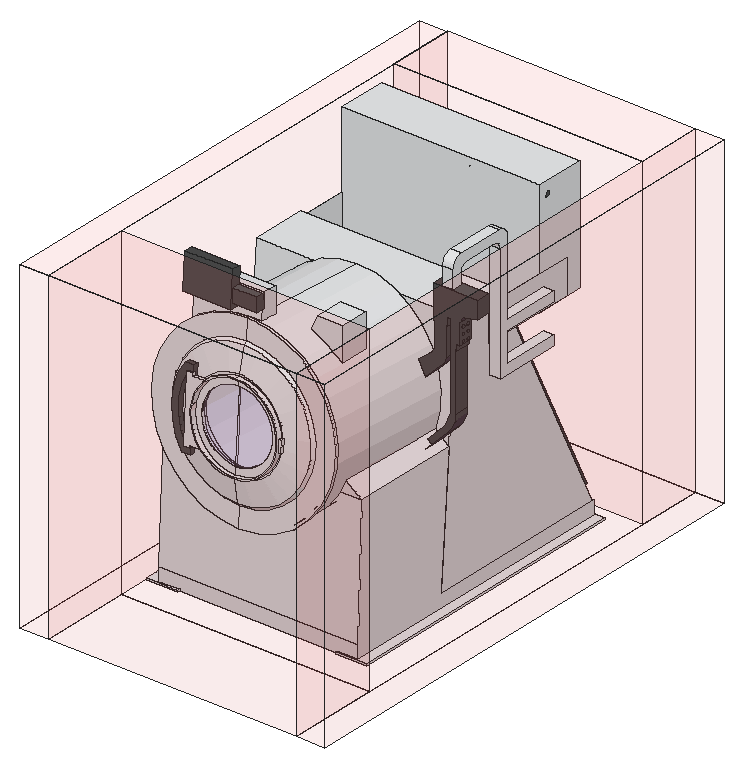
Revit family "Washer_Milnor_36026-V7Z", category Mechanical Equipment, Revit 2026
Family settings
  Round Connector Dimension = Use Diameter
  Part Type = Normal
  Classification Number = 23.45.70.11.14.11
  Work Plane-Based = Yes
  Always vertical = No
  Cut with Voids When Loaded = No
  Maintain Annotation Orientation = No
  Shared = No
  Room Calculation Point = No
Parameters (values of type "MilTouch 415-50-3ph")
  doorgas = Door Opening + 0' 2 1/2"  # 1' - 8 1/2"
  Warranty Duration (Years) = 0
  Voltage_MEP = 415 V
  Vibration Frequency = 11.67
  Unit Width = 4' - 4 5/8"
  Unit Weight = 2995
  Unit Height = 5' - 9"
  Unit Depth = 6' - 0 3/16"
  URL = "http://www.milnor.com/"
  Specification = ""
  SpecWizard = ""
  Send Message = "http://www.arcat.com/users.pl?action=UserEmail&company=Pellerin+Milnor+Corp.&coid=34740&rep=108&fax=504-468-3094&mf="
  Sales Information = "http://www.milnor.com/contact_us.aspx"
  Revision = "R1_04-2011"
  Product Properties = ""
  Product Data = "http://www.arcat.com/arcatcos/cos34/arc34740.html"
  Phase = 3
  Number of Poles = 1
  Model = "36026 V7Z"
  Manufacturer Website = "http://www.milnor.com/"
  Manufacturer Phone - Toll Free = "800-469-8780"
  Manufacturer Phone = "504-467-9591"
  Manufacturer Fax = "504-468-3094"
  Manufacturer Address = "700 Jackson St.   Kenner, LA 70062"
  Manufacturer = "Pellerin Milnor Corp"
  Maintenance Schedule (Months) = 0
  MEP Amperage = 11 A
  Keynote = "11110"
  Interior Finish [instance] = Metal - Stainless Steel - Milnor - as Specified
  Installation-Fabrication = ""
  Installation Phase = ""
  Green Building-LEED = ""
  Frequency = 50 Hz
  Expected Lifespan (Years) = 0
  Dynamic Load = 4424.00 kip
  Drawn By = "Sumex Design, Inc. / Robert S. Weygant, CSI, CDT, SCIP"
  Door Opening = 1' - 6"
  Door Opening Depth = 2' - 2 1/2"
  Door Glazing [instance] = Glazing - Milnor - as Specified
  Clearance Visible [instance] = yes
  Cabinet Front Doodads [instance] = Paint - Milnor - Black
  Description = "Milnor Commercial Washer Extractor - Model 36026 V7Z as Specified"
  Default Elevation = 4' - 0"
  Cylinder Volume = 15.30 CF
  Cylinder Diameter = 3' - 0"
  Cylinder Depth = 2' - 2"
  Door Base from FF = 2' - 6 1/2"
  Copyright = "©Arcat Inc."
  Construction Details = ""
  Capacity = "100 lbs Dry Weight"
  Cabinet Finish [instance] = Metal - Stainless Steel - Milnor - Powder Coat as Specified
  Assembly Code = "E1010610"
Types (7): name | Voltage_MEP | MEP Amperage | Frequency
  MilTouch 415-50-3ph | 415 V | 11 A | 50 Hz
  MilTouch 380-50-3ph | 380 V | 12 A | 50 Hz
  MilTouch 220-50-3ph | 220 V | 20 A | 50 Hz
  MilTouch 480-60-3ph | 480 V | 8 A | 60 Hz
  MilTouch 380-60-3ph | 380 V | 12 A | 60 Hz
  MilTouch 240-60-3ph | 240 V | 19 A | 60 Hz
  MilTouch 208-60-3ph | 208 V | 21 A | 60 Hz
Reference planes (in)
  plane 1 "Center (Front/Back)": y = 0
  plane 2 "Bottom": z = 0
  plane 3 "Center (Left/Right)": x = 0
  plane 4 "Front": y = -36.09375
  plane 5 "Back": y = 36.09375
  plane 6 "Left": x = -26.3125
  plane 7 "Right": x = 26.3125
  plane 8 "Top": z = 69
  plane 9: y = -55.53125
  plane 10: z = 27.1875
  plane 11: z = 35.5
  plane 12: x = -3.0625
  plane 13: x = 20.1875
  plane 14 "Y": y = -29.03125
  plane 15: y = 33.65625
Forms (in)
  Extrusion 1, solid, material "Metal - Stainless Steel - Milnor - Powder Coat as Specified" <- "Cabinet Finish"
    sketch origin (-3.0625, -177.5, -7.28107) x (0, 0, -1) y (0, -1, 0)
      loop
        line (-61.28107, -174.47334) -> (-61.28107, -185.97334) -> (-10.28107, -210.60207) -> (-10.28107, -170.45955) -> (-61.28107, -174.47334)
    from -21 to 21
  Extrusion 2, solid, material "Metal - Stainless Steel - Milnor - Powder Coat as Specified" <- "Cabinet Finish"
    sketch origin (-3.0625, -177.5, -7.28107) x (0, 0, -1) y (0, -1, 0)
      loop
        line (-37.21857, -149.59512) -> (-37.21857, -172.57958) -> (-10.28107, -170.45955) -> (-10.28107, -148.46875) -> (-37.21857, -149.59512)
    from 21 to -21
  Extrusion 3, solid, material "Metal - Stainless Steel - Milnor - Powder Coat as Specified" <- "Cabinet Finish"
    sketch origin (-3.0625, -177.5, -7.28107) x (0, 0, -1) y (0, -1, 0)
      loop
        line (-10.28107, -148.46875) -> (-10.28107, -211) -> (-7.28107, -211) -> (-7.28107, -148.46875) -> (-10.28107, -148.46875)
    from -21 to 21
  Extrusion 4, solid, material "Metal - Stainless Steel - Milnor - Powder Coat as Specified" <- "Cabinet Finish"
    sketch origin (-3.0625, -177.5, -7.28107) x (0, 0, -1) y (0, -1, 0)
      loop
        line (-76.28107, -196.85071) -> (-76.28107, -207.35071) -> (-52.03107, -207.35071) -> (-52.03107, -196.85071) -> (-76.28107, -196.85071)
    from -21 to 21
  Extrusion 5, solid, material "Metal - Stainless Steel - Milnor - Powder Coat as Specified" <- "Cabinet Finish"
    sketch origin (-2.1875, 0.9816, 0.25) x (1, 0, 0) y (0, 1, 0)
      loop
        line (15.8125, -30.45035) -> (22.375, -30.45035) -> (22.375, 32.67465) -> (15.8125, 32.67465) -> (15.8125, -30.45035)
      loop
        line (-17.5625, -30.45035) -> (-17.5625, 32.67465) -> (-24.125, 32.67465) -> (-24.125, -30.45035) -> (-17.5625, -30.45035)
    from 0 to -0.25
  Revolve 6, solid, material "Metal - Stainless Steel - Milnor - Powder Coat as Specified" <- "Cabinet Finish"
    sketch origin (-3.0625, -186, -7.28107) x (0, 0, -1) y (0, -1, 0)
      loop
        line (-65.40832, -154.81027) -> (-63.67219, -183.15928) -> (-44.86485, -182.15122) -> (-44.97835, -180.29799) -> (-62.94469, -181.39827) -> (-64.53398, -155.44689) -> (-46.56764, -154.34661) -> (-46.80483, -150.47352) -> (-56.0142, -151.03752) -> (-56.0142, -152.03752) -> (-56.41057, -152.07206) -> (-61.42721, -153.41626) -> (-61.8574, -154.03063) -> (-66.10758, -154.29091) -> (-66.07328, -154.85099) -> (-65.40832, -154.81027)
      axis (-46.80483, -150.47352) -> (-44.86485, -182.15122)
    angle from 0 to 360
  Revolve 7, void
    sketch origin (-3.0625, -186, -7.28107) x (0, 0, -1) y (0, -1, 0)
      loop
        line (-46.99079, -147.43709) -> (-55.974, -147.98652) -> (-55.17669, -161.00568) -> (-46.19352, -160.45554) -> (-46.99079, -147.43709)
      axis (-46.99083, -147.43638) -> (-46.19352, -160.45554)
    angle from 0 to 360
  Revolve 8, void
    sketch origin (-3.0625, -186.5, -7.28107) x (0, 0, -1) y (0, -1, 0)
      loop
        line (-65.29882, -157.87669) -> (-63.75023, -183.16347) -> (-44.86634, -182.1513) -> (-46.42174, -156.72063) -> (-65.29882, -157.87669)
      axis (-46.42174, -156.72063) -> (-44.86634, -182.1513)
    angle from 0 to 360
  Extrusion 9, solid, material "Metal - Stainless Steel - Milnor - Powder Coat as Specified" <- "Cabinet Finish"
    sketch origin (117.41417, -112.37937, 2.75) x (1, 0, 0) y (0, 0, 1)
      loop
        line (-99.47667, 27.1875) -> (-102.95849, 30.1091) -> (-104.51619, 27.1875) -> (-99.47667, 27.1875)
      loop
        line (-141.47667, 27.1875) -> (-136.43715, 27.1875) -> (-137.99485, 30.1091) -> (-141.47667, 27.1875)
    from -109.35271 to -84.47092
  Extrusion 10, solid, material "Paint - Milnor - Black" <- "Cabinet Front Doodads"
    sketch origin (-0.4375, -9.7684, 8.625) x (0, 1, 0) y (0, 0, 1)
      loop
        line (-21.43255, 57.91349) -> (-21.92191, 50.42947) -> (-20.17564, 50.31528) -> (-19.68628, 57.7993) -> (-21.43255, 57.91349)
    from -16.3743 to -6.28079
  Extrusion 11, solid, material "Metal - Stainless Steel - Milnor - Powder Coat as Specified" <- "Cabinet Finish"
    sketch origin (-0.4375, -9.7684, 8.875) x (0, 1, 0) y (0, 0, 1)
      loop
        line (-19.88868, 54.45391) -> (-20.54449, 44.42413) -> (-16.47082, 44.42413) -> (-16.47082, 54.15489) -> (-19.88868, 54.45391)
    from -15.5 to -1.03079
  Extrusion 12, solid, material "Paint - Milnor - Black"
    sketch origin (-2.1875, 0.9816, 0.25) x (1, 0, 0) y (0, 0, 1)
      loop
        circle (-10.25, 7.25) r 1.5
    from -35.11215 to -25.47019
  Extrusion 13, solid, material "Paint - Milnor - Black"
    sketch origin (22.44509, -7.5, 66.07476) x (0, 0, 1) y (0, -1, 0)
      loop
        circle (-12.14002, -0.61475) r 0.1875
      loop
        circle (-10.75017, -0.61475) r 0.25
      loop
        circle (-13.57752, -0.61475) r 0.1875
      loop
        circle (-12.14002, -1.86475) r 0.1875
      loop
        circle (-10.75017, -1.86475) r 0.25
      loop
        circle (-13.57752, -1.86475) r 0.1875
    from 0 to 0.25
  Revolve 14, solid, material "Metal - Stainless Steel - Milnor - Powder Coat as Specified" <- "Cabinet Finish"
    sketch origin (-3.0625, -182.84527, -6.95295) x (0, 0, -1) y (0, -1, 0)
      loop
        line (-53.9008, -148.80038) -> (-55.39799, -148.89207) -> (-55.36377, -149.45085) -> (-53.86658, -149.35916) -> (-53.9008, -148.80038)
      axis (-46.41482, -148.34193) -> (-46.3806, -148.90071)
    angle from 0 to 360
  Revolve 15, solid, material "Glazing - Milnor - as Specified" <- "Door Glazing"
    sketch origin (-3.0625, -191.875, -6.9217) x (0, 0, -1) y (0, -1, 0)
      loop
        line (-46.37672, -157.46412) -> (-53.86269, -157.92257) -> (-53.83705, -158.34129) -> (-46.35108, -157.88284) -> (-46.37672, -157.46412)
      axis (-46.37672, -157.46412) -> (-46.35108, -157.88284)
    angle from 0 to 360
  Extrusion 16, solid, material "Metal - Stainless Steel - Milnor - Powder Coat as Specified" <- "Cabinet Finish"
    sketch origin (1.28125, -13.07505, -0.97961) x (1, 0, 0) y (0, 0.052336, 0.99863)
      loop
        line (-14.70507, 46.33481) -> (-14.70507, 32.33481) -> (-13.45507, 32.33481) -> (-13.45507, 32.83481) -> (-10.78924, 32.83481) -> (-11.54706, 33.59263) -> (-12.55019, 35.13732) -> (-13.28272, 37.26473) -> (-13.49178, 39.25378) -> (-13.28272, 41.24282) -> (-12.54039, 43.28237) -> (-11.39365, 45.11753) -> (-10.67638, 45.83481) -> (-13.45507, 45.83481) -> (-13.45507, 46.33481) -> (-14.70507, 46.33481)
      loop
        line (4.70995, 40.33365) -> (4.70995, 37.83365) -> (5.55953, 37.83365) -> (5.55953, 40.33365) -> (4.70995, 40.33365)
    from 23.74699 to 24.32253
  Extrusion 17, solid, material "Paint - Milnor - Black" <- "Cabinet Front Doodads"
    sketch origin (1.28125, -13.81193, -0.80956) x (1, 0, 0) y (0, 0.052336, 0.99863)
      loop
        line (-13.625, 30.71622) -> (-13.625, 47.46622) -> (-15.375, 47.46622)
        arc (-15.375, 47.46622) -> (-17.93566, 39.09122) -> (-15.375, 30.71622) r 14.97615
        line (-15.375, 30.71622) -> (-13.625, 30.71622)
      loop
        arc (-14.70507, 46.21622) -> (-16.46668, 39.21622) -> (-14.70507, 32.21622) r 14.78854
        line (-14.70507, 32.21622) -> (-14.45507, 32.21622) -> (-14.45507, 46.21622) -> (-14.70507, 46.21622)
    from 22.07116 to 23.22445
  Extrusion 18, solid, material "Paint - Milnor - Black" <- "Cabinet Front Doodads"
    sketch origin (2.375, -5.75, 0.75) x (1, 0, 0) y (0, 0, 1)
      loop
        line (14.57009, 61.07476) -> (14.57009, 54.07476) -> (14.82009, 54.07476) -> (14.82009, 49.25278)
        arc (14.82009, 49.25278) -> (14.62526, 48.39176) -> (14.07873, 47.69849) r 2
        line (14.07873, 47.69849) -> (11.34808, 45.48725) -> (12.95292, 42.70759) -> (16.7343, 46.48897)
        arc (16.7343, 46.48897) -> (17.16784, 47.13782) -> (17.32009, 47.90319) r 2
        line (17.32009, 47.90319) -> (17.32009, 54.07476) -> (17.57009, 54.07476) -> (17.57009, 55.57476) -> (18.32009, 55.57476) -> (18.32009, 39.36688)
        arc (18.32009, 39.36688) -> (17.71112, 36.30542) -> (15.97694, 33.71003) r 8
        line (15.97694, 33.71003) -> (11.03379, 28.76688) -> (11.84655, 27.95412) -> (17.63595, 33.74352)
        arc (17.63595, 33.74352) -> (18.88239, 35.60895) -> (19.32009, 37.80938) r 5.75
        line (19.32009, 37.80938) -> (19.32009, 50.07476) -> (19.57009, 50.07476) -> (19.57009, 51.07476) -> (20.07009, 51.07476) -> (20.07009, 55.57476) -> (20.93045, 56.80349) -> (23.9375, 57.33371) -> (23.9375, 61.07476) -> (14.57009, 61.07476)
    from -1.11475 to 1.90639
  Extrusion 19, solid, material "Metal - Stainless Steel - Milnor - Powder Coat as Specified" <- "Cabinet Finish"
    sketch origin (3.5, -4.75, 0.75) x (0, 1, 0) y (0, 0, 1)
      loop
        line (-2.5, 61.07476) -> (-0.5, 61.07476) -> (-0.5, 63.5)
        arc (-0.5, 63.5) -> (-0.06066, 64.56066) -> (1, 65) r 1.5
        line (1, 65) -> (8.23144, 65)
        arc (8.23144, 65) -> (9.46888, 64.48744) -> (9.98144, 63.25) r 1.75
        line (9.98144, 63.25) -> (9.98144, 38.69732) -> (24.23144, 38.69732) -> (24.23144, 40.69732) -> (11.73144, 40.69732) -> (11.73144, 47.07232) -> (24.23144, 47.07232) -> (24.23144, 49.07232) -> (11.73144, 49.07232) -> (11.73144, 65)
        arc (11.73144, 65) -> (11.14566, 66.41421) -> (9.73144, 67) r 2
        line (9.73144, 67) -> (-0.25, 67)
        arc (-0.25, 67) -> (-1.84099, 66.34099) -> (-2.5, 64.75) r 2.25
        line (-2.5, 64.75) -> (-2.5, 61.07476)
    from 15.09961 to 17.32009
  Extrusion 20, solid, material "Paint - Milnor - Black"
    sketch origin (1.3125, 2.5, 0) x (0, 1, 0) y (0, 0, 1)
      loop
        circle (18.77637, 66.47746) r 0.5
    from 0 to 16.625
  Extrusion 21, solid, material "Paint - Milnor - Black" <- "Cabinet Front Doodads"
    sketch origin (1.3125, -11.875, 1.125) x (1, 0, 0) y (0, 0, 1)
      loop
        line (-8.03079, 62) -> (-8.03079, 59) -> (-2.78079, 59) -> (-2.78079, 62) -> (-8.03079, 62)
    from 17.78208 to 19.47012
  Extrusion 22, solid, material "Metal - Stainless Steel - Milnor - Powder Coat as Specified" <- "Cabinet Finish"
    sketch origin (1.3125, -6, 0.375) x (1, 0, 0) y (0, 0, 1)
      loop
        line (3.00011, 55.33071) -> (9.82267, 51.70308) -> (9.82267, 58.70308) -> (4.57267, 58.70308) -> (3.00011, 55.33071)
    from 12.28488 to 18.34375
  Extrusion 23, solid, material "Paint - Milnor - Black"
    sketch origin (-3.0625, -177.5, -7.28107) x (0, 0, -1) y (0, -1, 0)
      loop
        line (-49.92243, -191.45861) -> (-51.00959, -193.70985) -> (-11.38777, -212.84388) -> (-10.30061, -210.59264) -> (-49.92243, -191.45861)
    from -18 to 18
  Extrusion 24, solid, material "Metal - Stainless Steel - Milnor - Powder Coat as Specified" <- "Cabinet Finish"
    sketch origin (0, 2.5, 0) x (1, 0, 0) y (0, 0, 1)
      loop
        line (-24.0625, 45) -> (-24.0625, 52.75) -> (-24.1875, 52.75) -> (-24.1875, 45) -> (-24.0625, 45)
      loop
        line (17.9375, 45) -> (18.0625, 45) -> (18.0625, 52.19302) -> (17.9375, 52.19302) -> (17.9375, 45)
    from -23.66541 to -3.2088
  Revolve 25, void
    sketch origin (-3.0625, -180, -7.28107) x (0, 0, -1) y (0, -1, 0)
      loop
        line (-46.56764, -148.34661) -> (-65.36621, -149.49785) -> (-63.67206, -177.16152) -> (-44.89349, -175.68361) -> (-46.56764, -148.34661)
      axis (-46.56764, -148.34661) -> (-44.87348, -176.01027)
    angle from 0 to 360
  Extrusion 26, solid, material "ARCAT Clearance", visible <- "Clearance Visible"
    sketch origin (-13.375, 77.73171, 0) x (1, 0, 0) y (0, 1, 0)
      loop
        line (-13, -27.51296) -> (-13, -41.63796) -> (39.6875, -41.63796) -> (39.6875, -27.51296) -> (-13, -27.51296)
    from 0 to 69
  Extrusion 27, solid, material "ARCAT Clearance", visible <- "Clearance Visible"
    sketch origin (-13.3125, -19.34375, 0) x (1, 0, 0) y (0, 1, 0)
      loop
        line (-13, -16.75) -> (-13, -36.1875) -> (39.625, -36.1875) -> (39.625, -16.75) -> (-13, -16.75)
    from 0 to 69
  Extrusion 28, solid, material "ARCAT Clearance", visible <- "Clearance Visible"
    sketch origin (39.25, -19.2522, 0) x (1, 0, 0) y (0, 1, 0)
      loop
        line (-12.9375, 69.47095) -> (-12.9375, -36.27905) -> (-6.9375, -36.27905) -> (-6.9375, 69.47095) -> (-12.9375, 69.47095)
    from 0 to 69
  Extrusion 29, solid, material "ARCAT Clearance", visible <- "Clearance Visible"
    sketch origin (-19.375, -19.2522, 0) x (1, 0, 0) y (0, 1, 0)
      loop
        line (-12.9375, 69.47095) -> (-12.9375, -36.27905) -> (-6.9375, -36.27905) -> (-6.9375, 69.47095) -> (-12.9375, 69.47095)
    from 0 to 69
Cuts and joins
  Revolve 7, Revolve 25 cuts Extrusion 2
  joined: Extrusion 2, Extrusion 3, Extrusion 5
  Revolve 7 cuts Revolve 6
  joined: Revolve 6, Extrusion 16
  Revolve 7, Revolve 25 cuts Extrusion 9
  Revolve 8, Revolve 25 cuts Extrusion 1
  Revolve 8 cuts Extrusion 10
  Revolve 8, Revolve 25 cuts Extrusion 11
  Revolve 8, Revolve 25 cuts Extrusion 18
  Revolve 8, Revolve 25 cuts Extrusion 22
  Revolve 25 cuts Extrusion 19
Lines and regions (in)
  symbolic lines, style "MechanicalEquipmentHiddenLines"
    curve 1: line (-12.0625, -55.55016, 0) -> (-12.0625, -35.53125, 0)
    curve 2: arc (-12.0625, -55.55016, 0) -> (0.6346, -50.29085, 0) -> (5.89391, -37.59375, 0) r 17.95641
    curve 3: line (17.9375, 29.85071, 0) -> (17.9375, 50.21875, 0)
    curve 4: line (-24.0625, 29.85071, 0) -> (-24.0625, 50.21875, 0)
    curve 5: arc (17.9375, 50.21875, 0) -> (3.08826, 44.06799, 0) -> (-3.0625, 29.21875, 0) r 21
    curve 6: arc (-24.0625, 50.21875, 0) -> (-9.21326, 44.06799, 0) -> (-3.0625, 29.21875, 0) r 21
Dimensions and locks (in)
  "Unit Width": plane 6 "Left" to plane 7 "Right"
  "Unit Depth": plane 5 "Back" to plane 4 "Front"
  "Unit Height": plane 8 "Top" to level
  plane 10 to level = 2' - 3 3/16"
  plane 13 to plane 6 "Left" = 3' - 10 1/2"
  Revolve 6 sketch curve to Revolve 6 sketch curve = 1' - 7 1/2"
  Extrusion 5 sketch curve to Extrusion 5 sketch curve = 3' - 10 1/2"
  locked: plane 14 "Y" to plane 4 "Front" at 7.0625
  "Door Opening Depth": plane 14 "Y" to plane 9
Automatic sketch dimensions
  curve 5 to plane 12 = 0' - 0"
  curve 6 to plane 12 = 0' - 0"
  curve 1 to plane 9 = 0' - 0.01891"
  plane 12 to curve 1 = 0' - 9"
  plane 6 "Left" to curve 4 = 0' - 2 1/4"
  curve 2 to plane 4 "Front" = 0' - 1 1/2"
  curve 3 to plane 13 = 0' - 2 1/4"
  plane 4 "Front" to curve 1 = 0' - 0 9/16"
  curve 6 to plane 5 "Back" = 0' - 6 7/8"
  curve 5 to curve 3 = 0' - 0.63196"
  curve 6 to curve 4 = 0' - 0.63196"
  Extrusion 1 sketch curve to plane 8 "Top" = 1' - 3"
  level to Extrusion 1 sketch curve = 0' - 3"
  Extrusion 1 sketch curve to plane 5 "Back" = 0' - 2.99168"
  Extrusion 1 sketch curve to plane 1 "Center (Front/Back)" = 0' - 8.47334"
  plane 1 "Center (Front/Back)" to Extrusion 1 sketch curve = 0' - 3.02666"
  plane 1 "Center (Front/Back)" to Extrusion 1 sketch curve = 0' - 7.04045"
  Extrusion 2 sketch curve to plane 14 "Y" = 0' - 0"
  Extrusion 2 sketch curve to plane 10 = 0' - 2 3/4"
  level to Extrusion 2 sketch curve = 0' - 3"
  plane 14 "Y" to Extrusion 2 sketch curve = 0' - 1.12637"
  plane 1 "Center (Front/Back)" to Extrusion 2 sketch curve = 0' - 7.04045"
  plane 1 "Center (Front/Back)" to Extrusion 2 sketch curve = 0' - 4.92042"
  Extrusion 3 sketch curve to plane 14 "Y" = 0' - 0"
  Extrusion 3 sketch curve to level = 0' - 0"
  Extrusion 3 sketch curve to Extrusion 3 sketch curve = 0' - 3"
  Extrusion 3 sketch curve to plane 5 "Back" = 0' - 2 19/32"
  Extrusion 4 sketch curve to plane 8 "Top" = 0' - 0"
  Extrusion 4 sketch curve to plane 11 = 0' - 9 1/4"
  Extrusion 4 sketch curve to plane 5 "Back" = 0' - 6.24304"
  Extrusion 4 sketch curve to Extrusion 4 sketch curve = 0' - 10 1/2"
  Extrusion 5 sketch curve to plane 6 "Left" = 0' - 0"
  Extrusion 5 sketch curve to plane 5 "Back" = 0' - 2 7/16"  (x2)
  plane 6 "Left" to Extrusion 5 sketch curve = 0' - 6 9/16"
  Extrusion 5 sketch curve to plane 13 = 0' - 6 9/16"
  Extrusion 5 sketch curve to plane 14 "Y" = 0' - 0 7/16"  (x2)
  Revolve 6 sketch curve to plane 14 "Y" = 0' - 2.67784"
  Revolve 6 sketch curve to plane 8 "Top" = 0' - 10.17349"
  Revolve 6 sketch curve to plane 14 "Y" = 0' - 2.11776"
  Revolve 6 sketch curve to Revolve 6 sketch curve = 0' - 0.0343"
  Revolve 6 sketch curve to plane 14 "Y" = 0' - 2.15848"
  Revolve 6 sketch curve to plane 14 "Y" = 0' - 1.52186"
  Revolve 6 sketch curve to Revolve 6 sketch curve = 0' - 0.87434"
  plane 1 "Center (Front/Back)" to Revolve 6 sketch curve = 0' - 2.84072"
  plane 1 "Center (Front/Back)" to Revolve 6 sketch curve = 0' - 4.60173"
  Revolve 6 sketch curve to Revolve 6 sketch curve = 0' - 0.72751"
  Revolve 6 sketch curve to plane 14 "Y" = 0' - 2.93812"
  plane 4 "Front" to Revolve 6 sketch curve = 0' - 3.51001"
  Revolve 6 sketch curve to Revolve 6 sketch curve = 0' - 0.43018"
  plane 4 "Front" to Revolve 6 sketch curve = 0' - 2.16581"
  Revolve 6 sketch curve to Revolve 6 sketch curve = 0' - 5.01665"
  plane 4 "Front" to Revolve 6 sketch curve = 0' - 2.13127"
  Revolve 6 sketch curve to Revolve 6 sketch curve = 0' - 0.39637"
  plane 4 "Front" to Revolve 6 sketch curve = 0' - 0.56727"
  Revolve 6 sketch curve to plane 11 = 0' - 4.02376"
  Revolve 6 sketch curve to plane 11 = 0' - 3.30498"
  Revolve 6 sketch curve to plane 11 = 0' - 2.19727"
  Revolve 6 sketch curve to Revolve 6 sketch curve = 0' - 0.11349"
  Revolve 6 sketch curve to plane 1 "Center (Front/Back)" = 0' - 1.41316"
  Revolve 7 sketch curve to plane 4 "Front" = 0' - 1.91973"
  Revolve 7 sketch curve to plane 11 = 1' - 1.19293"
  plane 14 "Y" to Revolve 7 sketch curve = 0' - 4.03693"
  Revolve 7 sketch curve to plane 11 = 1' - 0.39562"
  Revolve 7 sketch curve to plane 11 = 0' - 4.20971"
  Revolve 7 sketch curve to plane 11 = 0' - 3.87348"
  Revolve 7 sketch curve to Revolve 7 sketch curve = 0' - 0.46103"
  Revolve 7 sketch curve to plane 11 = 0' - 3.15524"
  Revolve 7 sketch curve to Revolve 7 sketch curve = 0' - 4.19985"
  plane 4 "Front" to Revolve 7 sketch curve = 0' - 3.02111"
  plane 14 "Y" to Revolve 8 sketch curve = 0' - 0.40794"
  Revolve 8 sketch curve to plane 8 "Top" = 0' - 10.98225"
  plane 1 "Center (Front/Back)" to Revolve 8 sketch curve = 0' - 3.33653"
  Revolve 8 sketch curve to plane 8 "Top" = 1' - 0.53085"
  Revolve 8 sketch curve to plane 11 = 0' - 3.8727"
  Revolve 8 sketch curve to plane 14 "Y" = 0' - 0.74812"
  Revolve 8 sketch curve to plane 11 = 0' - 2.08526"
  Revolve 8 sketch curve to plane 1 "Center (Front/Back)" = 0' - 0.86264"
  Revolve 8 sketch curve to plane 11 = 0' - 1.76652"
  plane 1 "Center (Front/Back)" to Revolve 8 sketch curve = 0' - 4.3487"
  plane 4 "Front" to Revolve 8 sketch curve = 0' - 2.52074"
  plane 6 "Left" to Extrusion 9 sketch curve = 0' - 2 1/4"
  plane 11 to Extrusion 9 sketch curve = 0' - 2.6409"  (x2)
  Extrusion 9 sketch curve to Extrusion 9 sketch curve = 0' - 3.48182"
  Extrusion 9 sketch curve to Extrusion 9 sketch curve = 0' - 1.5577"  (x2)
  Extrusion 9 sketch curve to plane 10 = 0' - 2 3/4"  (x2)
  Extrusion 9 sketch curve to plane 13 = 0' - 7.28952"
  Extrusion 9 sketch curve to plane 13 = 0' - 2 1/4"
  Extrusion 10 sketch curve to plane 14 "Y" = 0' - 2.65906"
  Extrusion 10 sketch curve to plane 14 "Y" = 0' - 2.16971"
  Extrusion 10 sketch curve to plane 14 "Y" = 0' - 0.91279"
  Extrusion 10 sketch curve to plane 8 "Top" = 0' - 10.05972"
  Extrusion 10 sketch curve to Extrusion 10 sketch curve = 0' - 0.11418"
  Extrusion 11 sketch curve to plane 14 "Y" = 0' - 1.28165"
  Extrusion 11 sketch curve to plane 14 "Y" = 0' - 0.62583"
  plane 14 "Y" to Extrusion 11 sketch curve = 0' - 2.79203"
  Extrusion 11 sketch curve to plane 8 "Top" = 1' - 3.70087"
  Extrusion 11 sketch curve to plane 8 "Top" = 0' - 5.97011"
  Extrusion 11 sketch curve to Extrusion 11 sketch curve = 0' - 0.29902"
  plane 12 to Extrusion 12 sketch curve = 0' - 9 3/8"
  level to Extrusion 12 sketch curve = 0' - 7 1/2"
  Extrusion 18 to Extrusion 13 sketch curve = 0' - 0.67248"  (x2)
  Extrusion 13 sketch curve to Extrusion 13 sketch curve = 0' - 1 7/16"
  Extrusion 13 sketch curve to Extrusion 13 sketch curve = 0' - 0"
  Extrusion 13 sketch curve to Extrusion 18 = 0' - 1.00017"  (x2)
  Extrusion 18 to Extrusion 13 sketch curve = 0' - 1"  (x3)
  Extrusion 18 to Extrusion 13 sketch curve = 0' - 0.77114"  (x3)
  plane 4 "Front" to Revolve 14 sketch curve = 0' - 2.14055"
  Revolve 14 sketch curve to plane 11 = 1' - 0.94504"
  plane 4 "Front" to Revolve 14 sketch curve = 0' - 2.69933"
  Revolve 14 sketch curve to Revolve 14 sketch curve = 0' - 0.03422"
  plane 4 "Front" to Revolve 14 sketch curve = 0' - 2.04886"
  plane 4 "Front" to Revolve 14 sketch curve = 0' - 1.59041"
  Revolve 14 sketch curve to plane 11 = 0' - 3.96187"
  Revolve 14 sketch curve to Revolve 14 sketch curve = 0' - 0.15282"
  Revolve 14 sketch curve to Revolve 14 sketch curve = 0' - 2.49533"
  plane 4 "Front" to Revolve 15 sketch curve = 0' - 2.14132"
  Revolve 15 sketch curve to plane 11 = 0' - 11.441"
  plane 4 "Front" to Revolve 15 sketch curve = 0' - 2.56004"
  Revolve 15 sketch curve to Revolve 15 sketch curve = 0' - 0.02564"
  plane 4 "Front" to Revolve 15 sketch curve = 0' - 1.06068"
  Revolve 15 sketch curve to plane 11 = 0' - 3.99312"
  plane 4 "Front" to Revolve 15 sketch curve = 0' - 1.68287"
  Revolve 15 sketch curve to Revolve 15 sketch curve = 0' - 0.08907"
  Revolve 15 sketch curve to Revolve 15 sketch curve = 0' - 1.45442"
  plane 12 to Extrusion 16 sketch curve = 0' - 10.36132"
  Extrusion 16 sketch curve to Extrusion 16 sketch curve = 0' - 1.21329"
  Extrusion 16 sketch curve to Extrusion 16 sketch curve = 0' - 1 1/4"  (x2)
  Extrusion 16 sketch curve to Extrusion 16 sketch curve = 0' - 0.20906"  (x2)
  Extrusion 16 sketch curve to Extrusion 16 sketch curve = 0' - 0.73253"
  Extrusion 16 sketch curve to Extrusion 16 sketch curve = 0' - 0.74234"
  Extrusion 16 sketch curve to Extrusion 16 sketch curve = 0' - 1.00313"
  Extrusion 16 sketch curve to Extrusion 16 sketch curve = 0' - 1.14674"
  Extrusion 16 sketch curve to Extrusion 16 sketch curve = 0' - 0 97/128"  (x2)
  Extrusion 16 sketch curve to Extrusion 16 sketch curve = 0' - 0.71727"  (x2)
  plane 3 "Center (Left/Right)" to Extrusion 16 sketch curve = 0' - 5.9912"
  Extrusion 16 sketch curve to Extrusion 16 sketch curve = 0' - 0.84958"
  Extrusion 16 sketch curve to Extrusion 16 sketch curve = 0' - 0 1/2"  (x2)
  Extrusion 16 sketch curve to Extrusion 16 sketch curve = 0' - 1.54469"
  Extrusion 16 sketch curve to Extrusion 16 sketch curve = 0' - 2.12742"
  Extrusion 16 sketch curve to Extrusion 16 sketch curve = 0' - 4.99884"
  Extrusion 16 sketch curve to Extrusion 16 sketch curve = 0' - 1.98904"  (x2)
  Extrusion 16 sketch curve to Extrusion 16 sketch curve = 0' - 2 1/2"
  Extrusion 16 sketch curve to Extrusion 16 sketch curve = 0' - 2.03955"
  Extrusion 16 sketch curve to Extrusion 16 sketch curve = 0' - 1.83516"
  plane 12 to Extrusion 17 sketch curve = 0' - 11 1/32"  (x2)
  Extrusion 17 sketch curve to Extrusion 17 sketch curve = 0' - 0.66993"  (x2)
  Extrusion 17 sketch curve to Extrusion 17 sketch curve = 0' - 0 1/4"
  Extrusion 17 sketch curve to Extrusion 17 sketch curve = 0' - 0.83007"
  Extrusion 17 sketch curve to plane 12 = 0' - 1.38424"
  Extrusion 17 sketch curve to plane 3 "Center (Left/Right)" = 0' - 0.39689"
  Extrusion 17 sketch curve to Extrusion 17 sketch curve = 0' - 1 1/2"
  Extrusion 17 sketch curve to Extrusion 17 sketch curve = 0' - 6 7/8"
  Extrusion 17 sketch curve to Extrusion 17 sketch curve = 0' - 0 1/8"
  Extrusion 18 sketch curve to plane 7 "Right" = 0' - 0"
  Extrusion 18 sketch curve to plane 7 "Right" = 0' - 3.00705"
  Extrusion 18 sketch curve to Extrusion 18 sketch curve = 0' - 0.86036"
  Extrusion 18 sketch curve to Extrusion 18 sketch curve = 0' - 0 1/2"
  Extrusion 18 sketch curve to Extrusion 18 sketch curve = 0' - 0 1/4"  (x2)
  plane 13 to Extrusion 18 sketch curve = 0' - 0.50759"
  Extrusion 18 sketch curve to plane 13 = 0' - 0.17655"
  Extrusion 18 sketch curve to plane 13 = 0' - 0.24241"
  Extrusion 18 sketch curve to plane 13 = 0' - 1.0782"
  plane 11 to Extrusion 18 sketch curve = 0' - 1.03997"
  Extrusion 18 sketch curve to Extrusion 18 sketch curve = 0' - 1.65901"
  Extrusion 18 sketch curve to Extrusion 18 sketch curve = 0' - 1.41421"
  Extrusion 18 sketch curve to Extrusion 18 sketch curve = 0' - 2 1/2"
  Extrusion 18 sketch curve to plane 13 = 0' - 3.24241"
  Extrusion 18 sketch curve to Extrusion 18 sketch curve = 0' - 1.24136"
  Extrusion 18 sketch curve to plane 13 = 0' - 4.24241"
  Extrusion 18 sketch curve to plane 13 = 0' - 4.85958"
  Extrusion 18 sketch curve to Extrusion 18 sketch curve = 0' - 1.25864"
  Extrusion 18 sketch curve to plane 10 = 0' - 1.51662"
  Extrusion 18 sketch curve to plane 13 = 0' - 5.96595"
  Extrusion 18 sketch curve to Extrusion 18 sketch curve = 0' - 1.60484"
  Extrusion 18 sketch curve to plane 10 = 0' - 2.32938"
  Extrusion 18 sketch curve to Extrusion 18 sketch curve = 0' - 3 1/4"
  Extrusion 18 sketch curve to Extrusion 18 sketch curve = 0' - 3.34071"
  Extrusion 18 sketch curve to Extrusion 18 sketch curve = 0' - 2.77966"
  Extrusion 18 sketch curve to Extrusion 18 sketch curve = 0' - 3.78138"
  Extrusion 18 sketch curve to Extrusion 18 sketch curve = 0' - 0.2047"
  Extrusion 18 sketch curve to Extrusion 18 sketch curve = 0' - 2.17157"
  Extrusion 18 sketch curve to Extrusion 18 sketch curve = 0' - 1"
  Extrusion 18 sketch curve to Extrusion 18 sketch curve = 0' - 3"
  Extrusion 18 sketch curve to Extrusion 18 sketch curve = 0' - 0"  (x2)
  Extrusion 18 sketch curve to Extrusion 18 sketch curve = 0' - 1 1/2"
  Extrusion 18 sketch curve to Extrusion 18 sketch curve = 0' - 1.22873"
  Extrusion 18 sketch curve to Extrusion 18 sketch curve = 0' - 0.53022"
  Extrusion 18 sketch curve to Extrusion 18 sketch curve = 0' - 3.74105"
  plane 1 "Center (Front/Back)" to Extrusion 19 sketch curve = 0' - 7 1/4"
  Extrusion 19 sketch curve to Extrusion 19 sketch curve = 0' - 2"  (x3)
  Extrusion 19 sketch curve to plane 8 "Top" = 0' - 1 1/4"
  Extrusion 19 sketch curve to Extrusion 19 sketch curve = 0' - 2 1/4"
  Extrusion 19 sketch curve to Extrusion 19 sketch curve = 0' - 1 1/4"
  Extrusion 19 sketch curve to plane 1 "Center (Front/Back)" = 0' - 3.48144"
  Extrusion 19 sketch curve to Extrusion 19 sketch curve = 0' - 1 1/2"
  Extrusion 19 sketch curve to Extrusion 19 sketch curve = 0' - 1 3/4"  (x3)
  Extrusion 19 sketch curve to plane 1 "Center (Front/Back)" = 0' - 6.98144"
  Extrusion 19 sketch curve to plane 11 = 0' - 5.94732"
  Extrusion 19 sketch curve to Extrusion 19 sketch curve = 1' - 0 1/2"
  Extrusion 19 sketch curve to Extrusion 19 sketch curve = 0' - 0"
  Extrusion 19 sketch curve to Extrusion 19 sketch curve = 0' - 6 3/8"
  Extrusion 19 sketch curve to Extrusion 19 sketch curve = 0' - 3.67524"
  Extrusion 20 sketch curve to plane 8 "Top" = 0' - 2.52254"
  Extrusion 20 sketch curve to plane 5 "Back" = 1' - 2.81738"
  plane 12 to Extrusion 21 sketch curve = 0' - 3.65579"
  Extrusion 21 sketch curve to plane 3 "Center (Left/Right)" = 0' - 1.46829"
  Extrusion 21 sketch curve to plane 8 "Top" = 0' - 8 7/8"
  Extrusion 21 sketch curve to Extrusion 21 sketch curve = 0' - 3"
  plane 3 "Center (Left/Right)" to Extrusion 22 sketch curve = 0' - 4.31261"
  Extrusion 22 sketch curve to Extrusion 22 sketch curve = 0' - 1.57257"
  Extrusion 22 sketch curve to Extrusion 22 sketch curve = 0' - 6.82257"
  Extrusion 22 sketch curve to plane 11 = 1' - 4.57808"
  Extrusion 22 sketch curve to Extrusion 22 sketch curve = 0' - 3.62762"
  Extrusion 22 sketch curve to Extrusion 22 sketch curve = 0' - 7"
  Extrusion 23 sketch curve to plane 11 = 0' - 8.22852"
  Extrusion 23 sketch curve to Extrusion 23 sketch curve = 0' - 1.08716"
  Extrusion 23 sketch curve to plane 5 "Back" = 0' - 0.74987"
  level to Extrusion 23 sketch curve = 0' - 4.1067"
  Extrusion 23 sketch curve to Extrusion 23 sketch curve = 0' - 2.25124"
  plane 6 "Left" to Extrusion 24 sketch curve = 0' - 2 1/8"
  Extrusion 24 sketch curve to Extrusion 24 sketch curve = 0' - 0 1/8"  (x2)
  Extrusion 24 sketch curve to plane 13 = 0' - 2 1/4"
  Extrusion 24 sketch curve to plane 11 = 0' - 9 1/2"  (x2)
  Extrusion 24 sketch curve to Extrusion 24 sketch curve = 0' - 7.19302"
  Extrusion 24 sketch curve to Extrusion 24 sketch curve = 0' - 7 3/4"
  Revolve 25 sketch curve to plane 14 "Y" = 0' - 1.4709"
  Revolve 25 sketch curve to plane 8 "Top" = 0' - 10.91486"
  plane 1 "Center (Front/Back)" to Revolve 25 sketch curve = 0' - 2.83848"
  Revolve 25 sketch curve to plane 8 "Top" = 1' - 0.60902"
  Revolve 25 sketch curve to plane 14 "Y" = 0' - 2.62214"
  plane 14 "Y" to Revolve 25 sketch curve = 0' - 1.37038"
  Revolve 25 sketch curve to plane 11 = 0' - 3.54206"
  Revolve 25 sketch curve to plane 11 = 0' - 2.11242"
  Revolve 25 sketch curve to Revolve 25 sketch curve = 0' - 0"  (x2)
  Extrusion 26 sketch curve to plane 5 "Back" = 0' - 0"
  Extrusion 26 sketch curve to plane 7 "Right" = 0' - 0"
  Extrusion 26 sketch curve to plane 6 "Left" = 0' - 0 1/16"
  plane 5 "Back" to Extrusion 26 sketch curve = 1' - 2 1/8"
  Extrusion 27 sketch curve to plane 6 "Left" = 0' - 0"
  Extrusion 27 sketch curve to plane 7 "Right" = 0' - 0"
  Extrusion 27 sketch curve to plane 9 = 0' - 0"
  Extrusion 27 sketch curve to plane 4 "Front" = 0' - 0"
  Extrusion 28 sketch curve to plane 7 "Right" = 0' - 0"
  Extrusion 28 sketch curve to plane 9 = 0' - 0"
  Extrusion 28 sketch curve to Extrusion 28 sketch curve = 0' - 6"
  plane 5 "Back" to Extrusion 28 sketch curve = 1' - 2 1/8"
  Extrusion 29 sketch curve to plane 9 = 0' - 0"
  Extrusion 29 sketch curve to plane 6 "Left" = 0' - 0"
  Extrusion 29 sketch curve to Extrusion 29 sketch curve = 0' - 6"
  plane 5 "Back" to Extrusion 29 sketch curve = 1' - 2 1/8"
  radius of Extrusion 12 sketch curve = 0' - 1 1/2"
  radius of Extrusion 13 sketch curve = 0' - 0 3/16"  (x4)
  radius of Extrusion 13 sketch curve = 0' - 0 1/4"  (x2)
  radius of Extrusion 20 sketch curve = 0' - 0 1/2"
Connectors (in)
  piping at (-12.4375, 36.09375, 7.5), diameter 3
    settings: on Extrusion 12, index 32, connector inside diameter 3", connector length 0' - 0", flow factor 0, pipe flow 0 GPM, pressure drop 0.00 psi, fitting loss kfactor 0, connector angle 0.00°, fixture units 0, engagement length 0' - 0", angle of deflection 0.00°, flow configuration 0, flow direction 2, fitting loss method 0, system type 16, joint type 0, gender type 0, connector reference index -1, connector utility 0, adjustable connector no, is connector primary no, connector description ""
  electrical at (17.9375, 21.27637, 66.47746)
    settings: on Extrusion 20, index 40, voltage 0 V, apparent load 0 VA, apparent load phase1 0 VA, apparent load phase2 0 VA, apparent load phase3 0 VA, power factor 1, load classification "Other", number of poles 1, system type 31, power factor state 1, is connector primary yes, connector utility no, sub classification motor no, connector description ""
  piping at (19.70985, 19.48144, 48.82232), diameter 0.75
    settings: on Extrusion 19, index 41, connector inside diameter 3/4", connector length 0' - 0", flow factor 0, pipe flow 0 GPM, pressure drop 0.00 psi, fitting loss kfactor 0, connector angle 0.00°, fixture units 0, engagement length 0' - 0", angle of deflection 0.00°, flow configuration 0, flow direction 1, fitting loss method 0, system type 19, joint type 0, gender type 0, connector reference index -1, connector utility 0, adjustable connector no, is connector primary no, connector description ""
  piping at (19.70985, 19.48144, 40.44732), diameter 0.75
    settings: on Extrusion 19, index 42, connector inside diameter 3/4", connector length 0' - 0", flow factor 0, pipe flow 0 GPM, pressure drop 0.00 psi, fitting loss kfactor 0, connector angle 0.00°, fixture units 0, engagement length 0' - 0", angle of deflection 0.00°, flow configuration 0, flow direction 1, fitting loss method 0, system type 20, joint type 0, gender type 0, connector reference index -1, connector utility 0, adjustable connector no, is connector primary yes, connector description ""
